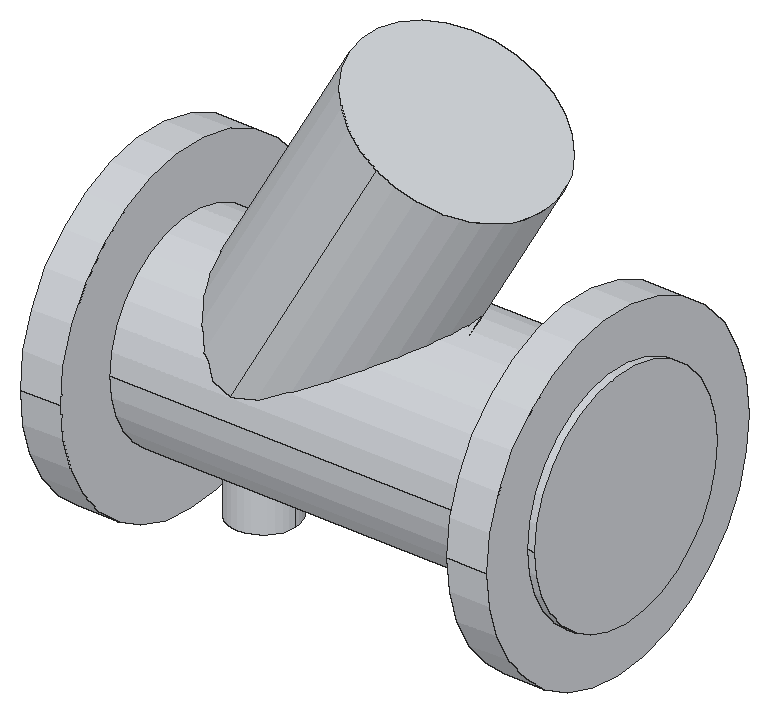
Revit family "HS 821-síto_jemné-PN40-DN125-RFA_2018", category Pipe Accessories, Revit 2018
Family settings
  Round Connector Dimension = Use Diameter
  Part Type = Breaks Into
  Work Plane-Based = No
  Always vertical = Yes
  Cut with Voids When Loaded = No
  Shared = No
Parameters (values of type "821F-DN125-PN40-síto_jemné")
  magiProductId = "cf073904c006406b8645afa67ea2fc"
  magiProductFamilyId = "79214ac3aaa945e397802f559f5c1e"
  magiPartTypeId = 307
  isMeasuringValve [instance] = no
  ang2D [instance] = 0.00°
  ZB__ve = -ZB  # -42.5 mm
  ZB1 = 76.14 mm
  ZB = 42.5 mm
  X2 = 131.888 mm
  X1 = 56 mm
  W2D = 15 mm
  VersionID = "2.0/2017.9.26.1/ZETKAMA_821_001"
  Use Minimum Symbol Size [instance] = yes
  URL = "www.hydronic.cz"
  Type Comments = "Filtr přírubový; síto jemné; A-PN16 (-10~300°C); D-PN25 (-10~350°C); F-PN40 (-10~400°C)"
  S = 188 mm
  QmdConnectorList = "301;D;302;D"
  Productdata [instance] = ""
  Manufacturer = "Hydronic Systems Prague s.r.o."
  MC Product Code = "250 691 (821F; DN125; PN40; kvs268,8; oko síta 0,63mm)"
  LM1 = 32 mm
  LM = 320 mm
  L4 = 100 mm
  L2D_Min = 3048 mm
  L2D = 130 mm
  L2 = 200 mm
  HH2 = 228.438 mm
  FD = 270 mm
  Description = "Filtr přírubový; síto jemné; 821A-PN16; 821D-PN25; 821F-PN40"
  DM1 = 165 mm
  DM = 169.2 mm
  D = 125 mm
  CC = 6.8 mm
  CAT0 = yes
  C1 = 33.2 mm
  C = 40 mm
  BD = 53.298 mm
Types (40, lengths in mm): name | magiProductId | ZB__ve | ZB1 | ZB | X2 | X1 | S | MC Product Code | LM1 | LM | L4 | L2 | HH2 | FD | DM1 | DM | D | CC | C1 | C | BD
  821A-DN015-PN16-síto_jemné | "a71bcfe8b393460598b23e8ddf7dc5" | -16.25 | 18.63 | 16.25 | 46.982 | 18.2 | 46 | "210 115 (821A; DN015; PN16; kvs6,2; oko síta 0,63mm)" | 10.4 | 104 | 32.5 | 65 | 81.375 | 95 | 27.6 | 41.4 | 15 | 2.21 | 10.79 | 13 | 13.041
  821A-DN020-PN16-síto_jemné | "41cd6c7a12924f4991217528336076" | -17.75 | 22.68 | 17.75 | 51.673 | 21 | 56 | "210 120 (821A; DN020; PN16; kvs9,6; oko síta 0,63mm)" | 12 | 120 | 37.5 | 75 | 89.5 | 105 | 33.6 | 50.4 | 20 | 2.55 | 12.45 | 15 | 15.876
  821A-DN025-PN16-síto_jemné | "be378b463ed14c3abf4c9b3ae8cf3a" | -19.25 | 26.325 | 19.25 | 58.601 | 22.4 | 65 | "210 125 (821A; DN025; PN16; kvs14,2; oko síta 0,63mm)" | 12.8 | 128 | 40 | 80 | 101.5 | 115 | 43.2 | 58.5 | 25 | 2.72 | 13.28 | 16 | 18.427
  821A-DN032-PN16-síto_jemné | "227a0d18b21540afabe8b6067d35fa" | -23 | 30.78 | 23 | 68.849 | 25.2 | 76 | "210 132 (821A; DN032; PN16; kvs23,1; oko síta 0,63mm)" | 14.4 | 144 | 45 | 90 | 119.25 | 140 | 50.4 | 68.4 | 32 | 3.06 | 14.94 | 18 | 21.546
  821A-DN040-PN16-síto_jemné | "d106917c74724141a10440112d0102" | -24.5 | 34.02 | 24.5 | 75.777 | 28 | 84 | "210 140 (821A; DN040; PN16; kvs36,6; oko síta 0,63mm)" | 16 | 160 | 50 | 100 | 131.25 | 150 | 60 | 75.6 | 40 | 3.4 | 16.6 | 20 | 23.814
  821A-DN050-PN16-síto_jemné | "8255d456a09e4f6486734f5dd9171b" | -26.75 | 40.095 | 26.75 | 79.061 | 32.2 | 99 | "210 150 (821A; DN050 PN16; kvs53,7; oko síta 0,63mm)" | 18.4 | 184 | 57.5 | 115 | 136.938 | 165 | 73.8 | 89.1 | 50 | 3.91 | 19.09 | 23 | 28.066
  821A-DN065-PN16-síto_jemné | "235b1b3e4c0843779a4d5e3716d40a" | -29.75 | 47.79 | 29.75 | 86.927 | 40.6 | 118 | "210 165 (821A; DN065; PN16; kvs95,1; oko síta 0,63mm)" | 23.2 | 232 | 72.5 | 145 | 150.562 | 185 | 94.2 | 106.2 | 65 | 4.93 | 24.07 | 29 | 33.453
  821A-DN080-PN16-síto_jemné | "a067f7c5236348ed8c820d16df7214" | -32 | 53.46 | 32 | 104.753 | 43.4 | 132 | "210 180 (821A; DN080; PN16; kvs137,1; oko síta 0,63mm)" | 24.8 | 248 | 77.5 | 155 | 181.438 | 200 | 107.4 | 118.8 | 80 | 5.27 | 25.73 | 31 | 37.422
  821A-DN100-PN16-síto_jemné | "c49a648c2747461285837d643703cd" | -35 | 63.18 | 35 | 114.857 | 49 | 156 | "210 190 (821A; DN100; PN16; kvs206,4; oko síta 0,63mm)" | 28 | 280 | 87.5 | 175 | 198.937 | 220 | 131.4 | 140.4 | 100 | 5.95 | 29.05 | 35 | 44.226
  821A-DN125-PN16-síto_jemné | "bf68e728a163493cbd2a663b26ebdc" | -39.5 | 74.52 | 39.5 | 131.888 | 56 | 184 | "210 191 (821A; DN125; PN16; kvs268,8; oko síta 0,63mm)" | 32 | 320 | 100 | 200 | 228.438 | 250 | 165 | 165.6 | 125 | 6.8 | 33.2 | 40 | 52.164
  821A-DN150-PN16-síto_jemné | "2de770284b654863ae6bc865769dc5" | -44.75 | 85.455 | 44.75 | 155.885 | 67.2 | 211 | "210 192 (821A; DN150; PN16; kvs401,4; oko síta 0,63mm)" | 38.4 | 384 | 120 | 240 | 270 | 285 | 192 | 189.9 | 150 | 8.16 | 39.84 | 48 | 59.818
  821A-DN200-PN16-síto_jemné | "8e5693371ab64aabb29a7f08c76e15" | -53 | 107.73 | 53 | 188.361 | 84 | 266 | "210 193 (821A; DN200; PN16; kvs706,7; oko síta 0,63mm)" | 48 | 480 | 150 | 300 | 326.25 | 340 | 252 | 239.4 | 200 | 10.2 | 49.8 | 60 | 75.411
  821A-DN250-PN16-síto_jemné | "05e37ed948c34047acdd4c42556504" | -62.75 | 129.195 | 62.75 | 255.911 | 102.2 | 319 | "210 194 (821A; DN250; PN16; kvs1229,4; oko síta 0,63mm)" | 58.4 | 584 | 182.5 | 365 | 443.25 | 405 | 309.6 | 287.1 | 250 | 12.41 | 60.59 | 73 | 90.436
  821A-DN300-PN16-síto_jemné | "9ad0af747269428da925480d83ce80" | -71 | 149.85 | 71 | 325.914 | 119 | 370 | "210 195 (821A; DN300; PN16; kvs1902,4; oko síta 0,63mm)" | 68 | 680 | 212.5 | 425 | 564.5 | 460 | 369.6 | 333 | 300 | 14.45 | 70.55 | 85 | 104.895
  821A-DN350-PN16-síto_jemné | "eebc71459bb3451bb4355e7951370a" | -80 | 173.745 | 80 | 356.875 | 137.2 | 429 | "200 196 (821A; DN350; PN16; kvs2611,0; oko síta 0,63mm)" | 78.4 | 784 | 245 | 490 | 618.125 | 520 | 438 | 386.1 | 350 | 16.66 | 81.34 | 98 | 121.621
  821A-DN400-PN16-síto_jemné | "d2f677cb196647e385b2590e7d8abe" | -89 | 194.4 | 89 | 392.237 | 154 | 480 | "210 197 (821A; DN400; PN16; kvs3438,4; oko síta 0,63mm)" | 88 | 880 | 275 | 550 | 679.375 | 580 | 498 | 432 | 400 | 18.7 | 91.3 | 110 | 136.08
  821D-DN015-PN25-síto_jemné | "27ddcbf555414f8ca1fde329bf9087" | -16.25 | 18.63 | 16.25 | 46.982 | 18.2 | 46 | "210 215 (821D; DN015; PN25; kvs6,2; oko síta 0,63mm)" | 10.4 | 104 | 32.5 | 65 | 81.375 | 95 | 27.6 | 41.4 | 15 | 2.21 | 10.79 | 13 | 13.041
  821D-DN020-PN25-síto_jemné | "270e0f14012f47189cd0235c18faee" | -17.75 | 22.68 | 17.75 | 51.673 | 21 | 56 | "210 220 (821D; DN020; PN25; kvs9,6; oko síta 0,63mm)" | 12 | 120 | 37.5 | 75 | 89.5 | 105 | 33.6 | 50.4 | 20 | 2.55 | 12.45 | 15 | 15.876
  821D-DN025-PN25-síto_jemné | "b9a7fb4aa36643878c637d8e1ab992" | -19.25 | 26.325 | 19.25 | 58.601 | 22.4 | 65 | "210 225 (821D; DN025; PN25; kvs14,2; oko síta 0,63mm)" | 12.8 | 128 | 40 | 80 | 101.5 | 115 | 43.2 | 58.5 | 25 | 2.72 | 13.28 | 16 | 18.427
  821D-DN032-PN25-síto_jemné | "6be9a55c4e68400f94eec7e804204c" | -23 | 30.78 | 23 | 68.849 | 25.2 | 76 | "210 232 (821D; DN032; PN25; kvs23,1; oko síta 0,63mm)" | 14.4 | 144 | 45 | 90 | 119.25 | 140 | 50.4 | 68.4 | 32 | 3.06 | 14.94 | 18 | 21.546
  821D-DN040-PN25-síto_jemné | "c54511bd7f584ec2984291479612cb" | -24.5 | 34.02 | 24.5 | 75.777 | 28 | 84 | "210 240 (821D; DN040; PN25; kvs36,6; oko síta 0,63mm)" | 16 | 160 | 50 | 100 | 131.25 | 150 | 60 | 75.6 | 40 | 3.4 | 16.6 | 20 | 23.814
  821D-DN050-PN25-síto_jemné | "5483b1f596b04cd39b23a14a22c90e" | -26.75 | 40.095 | 26.75 | 79.061 | 32.2 | 99 | "210 250 (821D; DN050; PN25; kvs53,7; oko síta 0,63mm)" | 18.4 | 184 | 57.5 | 115 | 136.938 | 165 | 73.8 | 89.1 | 50 | 3.91 | 19.09 | 23 | 28.066
  821D-DN065-PN25-síto_jemné | "767b0f8318e94750bc7a9930ed5b30" | -29.75 | 47.79 | 29.75 | 86.927 | 40.6 | 118 | "210 265 (821D; DN065; PN25; kvs95,1; oko síta 0,63mm)" | 23.2 | 232 | 72.5 | 145 | 150.562 | 185 | 94.2 | 106.2 | 65 | 4.93 | 24.07 | 29 | 33.453
  821D-DN080-PN25-síto_jemné | "e21040fa3cc2404b858198f6b73709" | -32 | 53.46 | 32 | 104.753 | 43.4 | 132 | "210 280 (821D; DN080; PN25; kvs137,1; oko síta 0,63mm)" | 24.8 | 248 | 77.5 | 155 | 181.438 | 200 | 107.4 | 118.8 | 80 | 5.27 | 25.73 | 31 | 37.422
  821D-DN100-PN25-síto_jemné | "175ca87a506b40b3bc6b82f12f33cf" | -37.25 | 63.18 | 37.25 | 114.857 | 49 | 156 | "210 290 (821D; DN100; PN25; kvs206,4; oko síta 0,63mm)" | 28 | 280 | 87.5 | 175 | 198.937 | 235 | 131.4 | 140.4 | 100 | 5.95 | 29.05 | 35 | 44.226
  821D-DN125-PN25-síto_jemné | "77cc98d60da24855999a22dff726b2" | -42.5 | 74.52 | 42.5 | 131.888 | 56 | 184 | "210 291 (821D; DN125; PN25; kvs268,8; oko síta 0,63mm)" | 32 | 320 | 100 | 200 | 228.438 | 270 | 165 | 165.6 | 125 | 6.8 | 33.2 | 40 | 52.164
  821D-DN150-PN25-síto_jemné | "9cf8acfcd15547d68e83172d3abcbe" | -47 | 85.455 | 47 | 155.885 | 67.2 | 211 | "210 292 (821D; DN150; PN25; kvs401,4; oko síta 0,63mm)" | 38.4 | 384 | 120 | 240 | 270 | 300 | 192 | 189.9 | 150 | 8.16 | 39.84 | 48 | 59.818
  821D-DN200-PN25-síto_jemné | "16973f3c9ea14389ba8602495a6b64" | -56 | 110.97 | 56 | 188.361 | 84 | 274 | "210 293 (821D; DN200; PN25; kvs706,7; oko síta 0,63mm)" | 48 | 480 | 150 | 300 | 326.25 | 360 | 252 | 246.6 | 200 | 10.2 | 49.8 | 60 | 77.679
  821F-DN015-PN40-síto_jemné | "4c7eaf3c4c0340888b3e684d8a8616" | -16.25 | 18.225 | 16.25 | 46.982 | 18.2 | 45 | "250 615 (821F; DN015; PN40; kvs6,2; oko síta 0,63mm)" | 10.4 | 104 | 32.5 | 65 | 81.375 | 95 | 27.6 | 40.5 | 15 | 2.21 | 10.79 | 13 | 12.757
  821F-DN020-PN40-síto_jemné | "aaac5f1ec96b44d6ba96ac2293d66d" | -17.75 | 23.49 | 17.75 | 51.673 | 21 | 58 | "250 620 (821F; DN020; PN40; kvs9,6; oko síta 0,63mm)" | 12 | 120 | 37.5 | 75 | 89.5 | 105 | 33.6 | 52.2 | 20 | 2.55 | 12.45 | 15 | 16.443
  821F-DN025-PN40-síto_jemné | "504768023968471481789485b54c7e" | -19.25 | 27.54 | 19.25 | 58.601 | 22.4 | 68 | "250 625 (821F; DN025; PN40; kvs14,2; oko síta 0,63mm)" | 12.8 | 128 | 40 | 80 | 101.5 | 115 | 43.2 | 61.2 | 25 | 2.72 | 13.28 | 16 | 19.278
  821F-DN032-PN40-síto_jemné | "165e7f39cf744f329bdf1c400dad12" | -23 | 31.59 | 23 | 68.849 | 25.2 | 78 | "250 632 (821F; DN032; PN40; kvs23,1; oko síta 0,63mm)" | 14.4 | 144 | 45 | 90 | 119.25 | 140 | 50.4 | 70.2 | 32 | 3.06 | 14.94 | 18 | 22.113
  821F-DN040-PN40-síto_jemné | "b8903f952089408fbf3a5a632bab1f" | -24.5 | 35.64 | 24.5 | 75.777 | 28 | 88 | "250 640 (821F; DN040; PN40; kvs36,6; oko síta 0,63mm)" | 16 | 160 | 50 | 100 | 131.25 | 150 | 60 | 79.2 | 40 | 3.4 | 16.6 | 20 | 24.948
  821F-DN050-PN40-síto_jemné | "c451f97266fe48da8f879cb6a2bd44" | -26.75 | 41.31 | 26.75 | 79.061 | 32.2 | 102 | "250 650 (821F; DN050; PN40; kvs53,7; oko síta 0,63mm)" | 18.4 | 184 | 57.5 | 115 | 136.938 | 165 | 73.8 | 91.8 | 50 | 3.91 | 19.09 | 23 | 28.917
  821F-DN065-PN40-síto_jemné | "dc9821e3f9b34e128f6a8c6b34c198" | -29.75 | 49.41 | 29.75 | 86.927 | 40.6 | 122 | "250 665 (821F; DN065; PN40; kvs95,1; oko síta 0,63mm)" | 23.2 | 232 | 72.5 | 145 | 150.562 | 185 | 94.2 | 109.8 | 65 | 4.93 | 24.07 | 29 | 34.587
  821F-DN080-PN40-síto_jemné | "689aa1e260f84cf4994f027a1d86b5" | -32 | 55.89 | 32 | 104.753 | 43.4 | 138 | "250 680 (821F; DN080; PN40; kvs137,1; oko síta 0,63mm)" | 24.8 | 248 | 77.5 | 155 | 181.438 | 200 | 107.4 | 124.2 | 80 | 5.27 | 25.73 | 31 | 39.123
  821F-DN100-PN40-síto_jemné | "8a45d4e8e2ab425f8c432f21d684f3" | -37.25 | 65.61 | 37.25 | 114.857 | 49 | 162 | "250 690 (821F; DN100; PN40; kvs206,4; oko síta 0,63mm)" | 28 | 280 | 87.5 | 175 | 198.937 | 235 | 131.4 | 145.8 | 100 | 5.95 | 29.05 | 35 | 45.927
  821F-DN125-PN40-síto_jemné | "cf073904c006406b8645afa67ea2fc" | -42.5 | 76.14 | 42.5 | 131.888 | 56 | 188 | "250 691 (821F; DN125; PN40; kvs268,8; oko síta 0,63mm)" | 32 | 320 | 100 | 200 | 228.438 | 270 | 165 | 169.2 | 125 | 6.8 | 33.2 | 40 | 53.298
  821F-DN150-PN40-síto_jemné | "0153b9ddabe14992a630484929fdbc" | -47 | 88.29 | 47 | 155.885 | 67.2 | 218 | "250 692 (821F; DN150; PN40; kvs401,4; oko síta 0,63mm)" | 38.4 | 384 | 120 | 240 | 270 | 300 | 192 | 196.2 | 150 | 8.16 | 39.84 | 48 | 61.803
  821F-DN200-PN40-síto_jemné | "7fb3fc01dd8d42428c203e3f8dd4d5" | -56 | 115.425 | 56 | 188.361 | 84 | 285 | "250 693 (821F; DN200; PN40; kvs706,7; oko síta 0,63mm)" | 48 | 480 | 150 | 300 | 326.25 | 360 | 252 | 256.5 | 200 | 10.2 | 49.8 | 60 | 80.797
Reference planes
  plane 1 "Center (Front/Back)": y = 0
  plane 2 "XYPLANE": z = 0
  plane 3 "Center (Left/Right)": x = 0
  plane 4 "109": x = -128
  plane 5 "108": x = 160
  plane 6 "107": x = -160
  plane 7 "105": x = 200
  plane 8 "104": x = -200
  plane 9 "103": y = 0
  plane 10 "102": z = 0
  plane 11 "101": x = -193.2
  plane 12 "100": x = 193.2
  plane 13 "11": x = -72
  plane 14 "10": z = 228.438
  plane 15 "9": x = 59.888
  plane 16 "5": z = -76.14
  plane 17 "4": x = -100
  plane 18 "1": x = 100
Forms (mm)
  Extrusion 1, solid, visible <- "CAT0"
    sketch origin (-160, -750, 0) x (0, 1, 0) y (0, 0, 1)
      loop
        circle (750, 0) r 84.6
    from 0 to 320 <- "LM"
  Extrusion 2, solid
    sketch origin (-200, -750, 0) x (0, 1, 0) y (0, 0, 1)
      loop
        circle (750, 0) r 94
    from 0 to 6.8 <- "CC"
  Extrusion 3, solid
    sketch origin (-193.2, -750, 0) x (0, 1, 0) y (0, 0, 1)
      loop
        circle (750, 0) r 135
    from 0 to 33.2 <- "C1"
  Extrusion 4, solid
    sketch origin (160, -750, 0) x (0, 1, 0) y (0, 0, 1)
      loop
        circle (750, 0) r 135
    from 0 to 33.2 <- "C1"
  Extrusion 5, solid
    sketch origin (193.2, -750, 0) x (0, 1, 0) y (0, 0, 1)
      loop
        circle (750, 0) r 94
    from 0 to 6.8 <- "CC"
  Sweep 6, solid, visible <- "CAT0"
    path origin (750, 0, 0) x (-1, 0, 0) y (0, 0, 1)
      loop
        line (910, 0) -> (822, 0) -> (690.112, 228.438)
    profile origin (-160, 0, 0) x (0, 0, -1) y (0, 1, 0)
      loop
        circle (0, 0) r 82.5
  Extrusion 7, solid, visible <- "CAT0"
    sketch origin (-750, 0, -76.14) x (1, 0, 0) y (0, 1, 0)
      loop
        circle (650, 0) r 26.649
    from 0 to -42.5 <- "ZB__ve"
  Extrusion 8, solid, visible <- "CAT0"
    sketch origin (-750, 0, -76.14) x (1, 0, 0) y (0, 1, 0)
      loop
        circle (850, 0) r 26.649
    from 0 to -42.5 <- "ZB__ve"
  Extrusion 9, solid, not visible
    sketch origin (200, -750, 0) x (0, 1, 0) y (0, 0, 1)
      loop
        circle (750, 0) r 10
    from 0 to -10
  Extrusion 10, solid, not visible
    sketch origin (-200, -750, 0) x (0, 1, 0) y (0, 0, 1)
      loop
        circle (750, 0) r 10
    from 0 to 10
Lines and regions (mm)
  reference lines, not visible
    curve 1: circle (2, 2, 0) r 1 normal (0, 0, 1)
Dimensions and locks
  plane 1 "Center (Front/Back)" to curve 1 = 2 mm
  "LM1": plane 6 "107" to plane 4 "109"
  "LM": plane 6 "107" to plane 5 "108"
  "C": plane 8 "104" to plane 6 "107"
  "L2": plane 3 "Center (Left/Right)" to plane 7 "105"
  "L2": plane 3 "Center (Left/Right)" to plane 8 "104"
  locked: plane 1 "Center (Front/Back)" to plane 9 "103"
  locked: plane 2 "XYPLANE" to plane 10 "102"
  "CC": plane 8 "104" to plane 11 "101"
  "C1": plane 5 "108" to plane 12 "100"
  "X1": plane 4 "109" to plane 13 "11"
  "HH2": plane 2 "XYPLANE" to plane 14 "10"
  "X2": plane 13 "11" to plane 15 "9"
  "ZB1": plane 2 "XYPLANE" to plane 16 "5"
  "L4": plane 8 "104" to plane 17 "4"
  "L2": plane 17 "4" to plane 18 "1"
  Sweep 6 sketch curve to Sweep 6 sketch curve = 0 mm  (x2)
  "DM": diameter of Extrusion 1 sketch curve
  "S": diameter of Extrusion 2 sketch curve
  "FD": diameter of Extrusion 3 sketch curve
  "FD": diameter of Extrusion 4 sketch curve
  "S": diameter of Extrusion 5 sketch curve
  "DM1": diameter of Sweep 6 sketch curve
  "BD": diameter of Extrusion 7 sketch curve
  "BD": diameter of Extrusion 8 sketch curve
  aligned and locked: level to plane 2 "XYPLANE"
  aligned and locked: Extrusion 1 sketch curve to plane 9 "103"
  aligned and locked: plane 10 "102" to Extrusion 1 sketch curve
  aligned and locked: Extrusion 2 sketch curve to plane 9 "103"
  aligned and locked: plane 10 "102" to Extrusion 2 sketch curve
  aligned and locked: Extrusion 3 sketch curve to plane 9 "103"
  aligned and locked: plane 10 "102" to Extrusion 3 sketch curve
  aligned and locked: Extrusion 4 sketch curve to plane 9 "103"
  aligned and locked: plane 10 "102" to Extrusion 4 sketch curve
  aligned and locked: Extrusion 5 sketch curve to plane 9 "103"
  aligned and locked: plane 10 "102" to Extrusion 5 sketch curve
  aligned and locked: Sweep 6 sketch curve to plane 9 "103"
  aligned and locked: plane 10 "102" to Sweep 6 sketch curve  (x3)
  aligned and locked: plane 6 "107" to Sweep 6 sketch curve
  aligned and locked: plane 13 "11" to Sweep 6 sketch curve
  aligned and locked: plane 14 "10" to Sweep 6 sketch curve
  aligned and locked: plane 15 "9" to Sweep 6 sketch curve
  aligned and locked: plane 9 "103" to Extrusion 7 sketch curve
  aligned and locked: plane 17 "4" to Extrusion 7 sketch curve
  aligned and locked: plane 9 "103" to Extrusion 8 sketch curve
  aligned and locked: plane 18 "1" to Extrusion 8 sketch curve
  aligned and locked: Extrusion 9 sketch curve to plane 9 "103"
  aligned and locked: plane 10 "102" to Extrusion 9 sketch curve
  aligned and locked: Extrusion 10 sketch curve to plane 9 "103"
  aligned and locked: plane 10 "102" to Extrusion 10 sketch curve
Automatic sketch dimensions
  plane 1 "Center (Front/Back)" to Extrusion 9 sketch curve = 10 mm
  plane 1 "Center (Front/Back)" to Extrusion 10 sketch curve = 10 mm
  plane 3 "Center (Left/Right)" to curve 1 = 2 mm
  radius of curve 1 = 1 mm
Connectors
  piping at (-200, 0, 0), diameter 125, driven by "D"
    settings: on Extrusion 10, index 1, connector inside diameter 609.6 mm, connector length 0 mm, flow factor 0, pipe flow 0.0 L/s, pressure drop 0.0 Pa, fitting loss kfactor 0, connector angle 0.00°, fixture units 0, engagement length 0 mm, angle of deflection 0.00°, flow configuration 0, flow direction 0, fitting loss method 0, system type 29, joint type 0, gender type 0, connector reference index 2, connector utility 0, adjustable connector no, is connector primary yes, connector description ""
  piping at (200, 0, 0), diameter 125, driven by "D"
    settings: on Extrusion 9, index 2, connector inside diameter 609.6 mm, connector length 0 mm, flow factor 0, pipe flow 0.0 L/s, pressure drop 0.0 Pa, fitting loss kfactor 0, connector angle 0.00°, fixture units 0, engagement length 0 mm, angle of deflection 0.00°, flow configuration 0, flow direction 0, fitting loss method 0, system type 29, joint type 0, gender type 0, connector reference index 1, connector utility 0, adjustable connector no, is connector primary no, connector description ""
